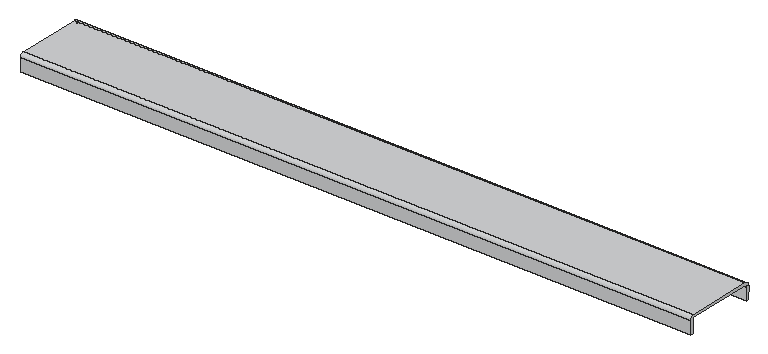
Revit family "KL Rost D – E", category Sanitärinstallationen, Revit 2016
Family settings
  Teiletyp = Normal
  Bemaßung runder Anschluss = Durchmesser verwenden
  OmniClass-Nummer = 23.45.00.00
  OmniClass-Titel = Sanitary, Laundry, and Cleaning Equipment
  Arbeitsebenenbasiert = Nein
  Immer vertikal = Ja
  Beim Laden mit Abzugskörper schneiden = Nein
  Gemeinsam genutzt = Nein
  Raumberechnungspunkt = Nein
Parameters (values of type "KLD E 50")
  Length = 490 mm
  Height = 12 mm
  Material [instance] = Stainless steel
Types (15, lengths in mm): name | Length
  (no name) | 490
  KLD E 50 | 490
  KLD E 60 | 590
  KLD E 70 | 690
  KLD E 80 | 790
  KLD E 90 | 890
  KLD E 100 | 990
  KLD E 110 | 1090
  KLD E 120 | 1190
  KLD E 130 | 1290
  KLD E 140 | 1390
  KLD E 150 | 1490
  KLD E 160 | 1590
  KLD E 170 | 1690
  KLD E 180 | 1790
Reference planes
  plane 1 "Center (Front/Back)": y = 0
  plane 2: z = 0
  plane 3 "Center (Left/Right)": x = 0
  plane 4: x = -245
  plane 5: x = 245
  plane 6: z = 1.5
  plane 7: z = -10.5
Forms (mm)
  Extrusion 1, solid, material "Stainless steel" <- "Material", detail levels fine
    sketch origin (0, 0, -10.498) x (0, -1, 0) y (0, 0, 1)
      loop
        line (-23.248, 10.498) -> (23.248, 10.498)
        arc (23.248, 10.498) -> (24.318, 10.05) -> (24.748, 8.972) r 1.5
        line (24.748, 8.972) -> (24.592, -0.002) -> (26.092, -0.002) -> (26.248, 8.946)
        arc (26.248, 8.946) -> (25.388, 11.101) -> (23.248, 11.998) r 3
        line (23.248, 11.998) -> (-23.248, 11.998)
        arc (-23.248, 11.998) -> (-25.388, 11.101) -> (-26.248, 8.946) r 3
        line (-26.248, 8.946) -> (-26.092, -0.002) -> (-24.592, -0.002) -> (-24.748, 8.972)
        arc (-24.748, 8.972) -> (-24.318, 10.05) -> (-23.248, 10.498) r 1.5
    from -245 to 245
  Extrusion 2, void, not visible
    sketch origin (0, 0, 0) x (1, 0, 0) y (0, 1, 0)
      loop
        line (-17.5, 891) -> (-17.5, 884) -> (-10.5, 884) -> (-10.5, 891) -> (-17.5, 891)
    from 10.498 to 11.998
  Extrusion 3, solid, material "Stainless steel" <- "Material", detail levels medium
    sketch origin (-646.5, -0.001, -10.498) x (0, -1, 0) y (0, 0, 1)
      loop
        line (-24.591, -0.002) -> (-24.775, 10.498) -> (24.773, 10.498) -> (24.593, -0.002) -> (26.093, -0.002) -> (26.299, 11.998) -> (-26.301, 11.998) -> (-26.091, -0.002) -> (-24.591, -0.002)
    from -891.5 to -401.5
  Extrusion 4, solid, material "Stainless steel" <- "Material", detail levels coarse
    sketch origin (-896.5, 0, -10.498) x (0, -1, 0) y (0, 0, 1)
      loop
        line (26.248, 11.998) -> (-26.248, 11.998) -> (-26.248, -0.002) -> (26.248, -0.002) -> (26.248, 11.998)
    from -1141.5 to -651.5
Lines and regions (mm)
  reference lines
    curve 1: line (-245, 0, 0) -> (245, 0, 0)
Dimensions and locks
  equal spacing: plane 4, plane 3 "Center (Left/Right)", plane 5
  "Length": plane 4 to plane 5
  "Height": plane 6 to plane 7
  aligned and locked: plane 2 to level
  aligned and locked: Extrusion 4 to plane 4
  aligned and locked: Extrusion 3 to plane 4
  aligned and locked: plane 5 to Extrusion 4
  aligned and locked: plane 5 to Extrusion 3
  aligned and locked: Extrusion 1 to plane 4
  aligned and locked: plane 5 to Extrusion 1
  aligned and locked: plane 6 to Extrusion 3
  aligned and locked: plane 6 to Extrusion 4
  aligned and locked: plane 6 to Extrusion 1
  aligned and locked: plane 7 to Extrusion 4
  aligned and locked: Extrusion 1 to plane 7  (x2)
  aligned and locked: plane 4 to curve 1
  aligned and locked: plane 5 to curve 1
Automatic sketch dimensions
  Extrusion 4 sketch curve to level = 10.5 mm
  level to Extrusion 4 sketch curve = 1.5 mm
  Extrusion 4 sketch curve to plane 1 "Center (Front/Back)" = 26.248 mm
  Extrusion 4 sketch curve to Extrusion 4 sketch curve = 52.496 mm
  Extrusion 3 sketch curve to plane 6 = 0 mm
  Extrusion 3 sketch curve to plane 1 "Center (Front/Back)" = 26.3 mm
  plane 7 to Extrusion 3 sketch curve = 0 mm  (x2)
  Extrusion 3 sketch curve to Extrusion 3 sketch curve = 0.21 mm
  level to Extrusion 3 sketch curve = 0 mm
  Extrusion 3 sketch curve to Extrusion 3 sketch curve = 1.526 mm  (x2)
  Extrusion 3 sketch curve to Extrusion 3 sketch curve = 1.5 mm  (x2)
  Extrusion 3 sketch curve to Extrusion 3 sketch curve = 49.548 mm
  Extrusion 3 sketch curve to Extrusion 3 sketch curve = 0.18 mm
  Extrusion 1 sketch curve to plane 6 = 0 mm
  Extrusion 1 sketch curve to level = 0 mm
  Extrusion 1 sketch curve to level = 1.552 mm  (x2)
  Extrusion 1 sketch curve to plane 1 "Center (Front/Back)" = 26.248 mm
  plane 7 to Extrusion 1 sketch curve = 0 mm
  Extrusion 1 sketch curve to Extrusion 1 sketch curve = 0.156 mm
  Extrusion 1 sketch curve to level = 1.526 mm  (x2)
  Extrusion 1 sketch curve to Extrusion 1 sketch curve = 1.5 mm  (x4)
  Extrusion 1 sketch curve to level = 1.5 mm  (x2)
  Extrusion 1 sketch curve to Extrusion 1 sketch curve = 0 mm  (x2)
  plane 1 "Center (Front/Back)" to Extrusion 1 sketch curve = 23.248 mm
  Extrusion 1 sketch curve to Extrusion 1 sketch curve = 1.343 mm
  Extrusion 1 sketch curve to plane 7 = 0 mm
  plane 1 "Center (Front/Back)" to curve 1 = 0 mm
